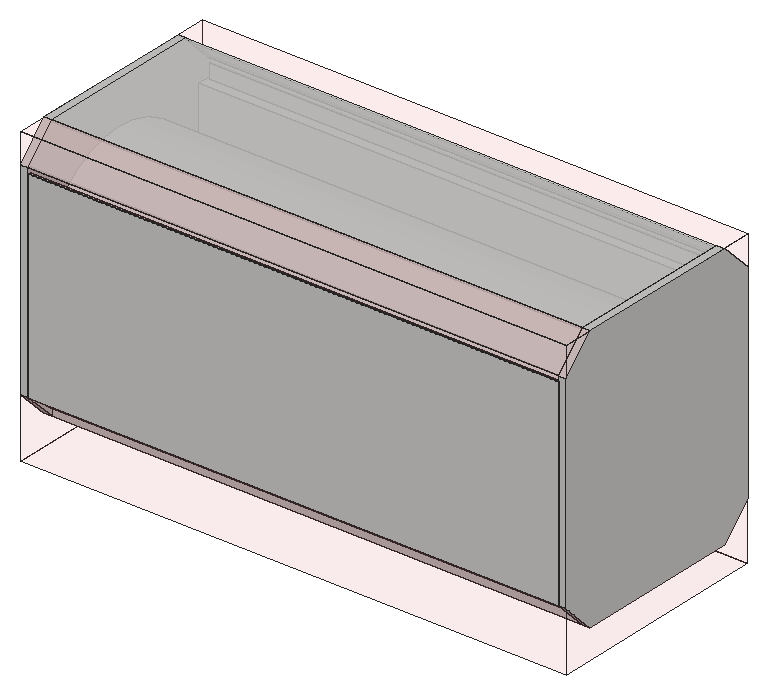
Revit family "Air-Curtain_Climate-Control_PoweredAire_ECE", category Mechanical Equipment, host Face, Revit 2017
Family settings
  Host = Face
  Round Connector Dimension = Use Diameter
  Part Type = Normal
  OmniClass Number = 23.75.35.17.21
  OmniClass Title = Air Curtains
  Cut with Voids When Loaded = No
  Shared = No
  Room Calculation Point = No
Parameters
  Warranty Duration (Years) = 0
  Unit Width Notes = "Other Widths available."  # constant formula
  Unit Width = 3' - 0"
  Unit Weight = 0
  Unit Height = 1' - 3"
  Unit Depth = 1' - 5 1/2"
  URL = "http://www.poweredaire.com/"
  Test Data = ""
  Temperature Rise_Range = "as Specified"
  Standards Conformance = "as Specified"
  Specification = "http://www.arcat.com/sdspecs/htm04/23_34_33pai.htm"
  SpecWizard = ""
  Sound Pressure = "as Specified"
  Sales Information = "http://www.poweredaire.com/contact_us"
  Revision = "R1_2016-08"
  Projection from Host [instance] = 0' - 2"
  Product Properties = ""
  Product Data = "http://www.arcat.com/arcatcos/cos47/arc47623.html"
  Power Rating = 0 W
  Outlet Volume_Range = "as Specified"
  Outlet Velocity_Range = "as Specified"
  Nozzle Width = if(1 = 1, Unit Width - 0' 1", 0' 0")  # 2' - 11"
  Mounting Width = if(1 = 1, Unit Width - 0' 0 15/16", 0' 0")  # 2' - 11 1/16"
  Mounting Height [instance] = 3' - 6"
  Motor RPM = 0
  Motor HP = 0
  Motor Count = 0
  Model = "As Specified"
  Max Height = 0' - 0"
  Manufacturer Website = "http://www.poweredaire.com/"
  Manufacturer Phone - Toll Free = "888-321-2473"
  Manufacturer Phone = "724-588-3305"
  Manufacturer Fax = "724-588-3371"
  Manufacturer Address = "109 Mortensen Rd.  Greenville, PA 16125"
  Manufacturer = "Powered Aire, Inc"
  Maintenance Schedule (Months) = 0
  Keynote = "23 34 33"
  Installation-Fabrication = ""
  Installation Phase = ""
  Include Clearance [instance] = yes
  Heating Element Load = 0 W
  HVAC_Temperature Rise [instance] = 0 °F
  HVAC_Outlet Volume [instance] = 0 CFM
  HVAC_Outlet Velocity Uniformity = 0
  HVAC_Outlet Velocity [instance] = 0 FPM
  Green Building-LEED = "http://www.arcat.com/green/clients/leed_data_47623.html"
  Front Grating Material [instance] = Metal - Steel - PoweredAire - Stainless 304 Perforated
  Frame Finish [instance] = Metal - Steel - PoweredAire - Stainless 304
  Expected Lifespan (Years) = 0
  Electrical_Wattage [instance] = Power Rating + Heating Element Load  # 0 W
  Electrical_Voltage [instance] = 0 V
  Electrical_Phase [instance] = 1
  Electrical_Frequency [instance] = 0 Hz
  Electrical_Amperage [instance] = 0 A
  Drawn By = "Sumex Design, Inc. / Robert S. Weygant, CSI, CDT, SCIP"
  Description = "Powered Aire Air Curtain as Specified"
  Default Elevation = 0' - 0"  # constant formula
  Copyright = "©Arcat Inc."
  Construction Details = "http://www.arcat.com/details/powair/prod3336.html"
  Clearance_Top [instance] = 0' - 0"
  Clearance_Side B [instance] = 0' - 0"
  Clearance_Side A [instance] = 0' - 0"
  Clearance_Intake [instance] = 0' - 0"
  Clearance_Bottom [instance] = 0' - 0"
  Clearance Material [instance] = ARCAT Clearance
  Building Codes = ""
  Available Options [instance] = "as Specified"
  Assembly Code = "D3090400"
Reference planes (in)
  plane 1 "Center (Elevation)": y = 0.13818
  plane 2: z = 0
  plane 3 "Center (Left/Right)": x = 0
  plane 4: y = 7.63818
  plane 5: y = -7.36182
  plane 6: x = -18
  plane 7: x = 18
  plane 8: z = 19.5
  plane 9 "FF": y = -41.86182
  plane 10: z = 2
  plane 11: x = 17.5
  plane 12: x = -17.5
  plane 13: y = 7.63818
  plane 14: y = -7.36182
  plane 15: x = -18
  plane 16: x = 18
  plane 17: z = 19.5
Forms (in)
  Extrusion 1, solid, material "Metal - Steel - PoweredAire - Stainless 304" <- "Frame Finish"
    sketch origin (0, 0, 0) x (0, 1, 0) y (0, 0, 1)
      loop
        line (5.69363, 2) -> (7.63818, 3.94454) -> (7.63818, 17.55546) -> (5.69363, 19.5) -> (-5.41728, 19.5) -> (-7.36182, 17.55546) -> (-7.36182, 3.94454) -> (-5.41728, 2) -> (5.69363, 2)
    from 17.5 to 18
  Extrusion 2, solid, material "Metal - Steel - PoweredAire - Stainless 304" <- "Frame Finish"
    sketch origin (0, 0, -0.5) x (0, 1, 0) y (0, 0, 1)
      loop
        circle (0.13818, 10.9739) r 6.25
      loop
        line (6.63818, 16.89427) -> (6.63818, 5.87829) -> (7.33849, 5.87829) -> (7.33849, 16.89427) -> (6.63818, 16.89427)
      loop
        line (-7.02798, 16.76927) -> (-7.02798, 5.75329) -> (-6.36182, 5.75329) -> (-6.36182, 16.76927) -> (-7.02798, 16.76927)
    from -17.5 to 17.5
  Extrusion 3, solid, material "Metal - Steel - PoweredAire - Stainless 304" <- "Frame Finish"
    sketch origin (0, 0, 0) x (0, 1, 0) y (0, 0, -1)
      loop
        line (5.69363, -2) -> (-5.41728, -2) -> (-7.36182, -3.94454) -> (-7.36182, -17.55546) -> (-5.41728, -19.5) -> (5.69363, -19.5) -> (7.63818, -17.55546) -> (7.63818, -3.94454) -> (5.69363, -2)
    from 17.5 to 18
  Extrusion 4, solid, material "Metal - Steel - PoweredAire - Stainless 304" <- "Frame Finish"
    sketch origin (0, 0, 0) x (0, 1, 0) y (0, 0, 1)
      loop
        line (-5.41728, 2) -> (5.69363, 2) -> (7.63818, 3.94454) -> (7.63818, 17.19454) -> (7.51318, 17.19454) -> (7.51318, 3.99632) -> (5.64186, 2.125) -> (-5.29228, 2.125) -> (-5.29228, 4.06954) -> (-7.23682, 4.06954) -> (-7.23682, 17.19454) -> (-7.36182, 17.19454) -> (-7.36182, 3.94454) -> (-5.41728, 3.94454) -> (-5.41728, 2)
      loop
        line (-6.64819, 3.61034) -> (-5.8702, 2.83235) -> (-5.74472, 2.95783) -> (-6.52271, 3.73583) -> (-6.64819, 3.61034)
    from -17.5 to 17.5
  Extrusion 5, solid, material "Metal - Steel - PoweredAire - Stainless 304 Perforated" <- "Front Grating Material"
    sketch origin (0, 0, 0) x (0, 1, 0) y (0, 0, 1)
      loop
        line (-7.36182, 17.19454) -> (-7.23682, 17.19454) -> (-7.23682, 17.50368) -> (-5.3655, 19.375) -> (5.64186, 19.375) -> (7.51318, 17.50368) -> (7.51318, 17.19454) -> (7.63818, 17.19454) -> (7.63818, 17.55546) -> (5.69363, 19.5) -> (-5.41728, 19.5) -> (-7.36182, 17.55546) -> (-7.36182, 17.19454)
    from -17.5 to 17.5
  Extrusion 6, solid, material "ARCAT Clearance" <- "Clearance Material", visible <- "Include Clearance"
    sketch origin (0, 0, 0) x (0, 1, 0) y (0, 0, 1)
      loop
        line (-7.36182, 19.5) -> (-7.36182, 0) -> (7.63818, 0) -> (7.63818, 19.5) -> (-7.36182, 19.5)
    from -18 to 18
Dimensions and locks (in)
  equal spacing: plane 4, plane 1 "Center (Elevation)", plane 5
  "Unit Height": plane 4 to plane 5
  equal spacing: plane 6, plane 3 "Center (Left/Right)", plane 7
  "Unit Width": plane 6 to plane 7
  "Mounting Height": plane 1 "Center (Elevation)" to plane 9 "FF"
  "Projection from Host": plane 10 to level
  "Unit Depth": plane 8 to plane 10
  locked: plane 6 to plane 12 at 0.5
  locked: plane 11 to plane 7 at 0.5
  "Clearance_Side A": plane 7 to plane 16
  "Clearance_Side B": plane 15 to plane 6
  "Clearance_Top": plane 13 to plane 4
  "Clearance_Bottom": plane 5 to plane 14
  "Clearance_Intake": plane 17 to plane 8
  aligned and locked: plane 2 to host face
  aligned and locked: level to host face
  aligned and locked: plane 7 to Extrusion 1
  aligned and locked: Extrusion 1 to plane 11
  aligned and locked: plane 12 to Extrusion 3
  aligned and locked: Extrusion 3 to plane 6
  aligned and locked: Extrusion 2 to plane 12
  aligned and locked: plane 11 to Extrusion 2
  aligned and locked: plane 11 to Extrusion 4
  aligned and locked: Extrusion 4 to plane 12
  aligned and locked: plane 11 to Extrusion 5
  aligned and locked: Extrusion 5 to plane 12
  aligned and locked: Extrusion 6 sketch curve to plane 17
  aligned and locked: plane 14 to Extrusion 6 sketch curve
  aligned and locked: level to Extrusion 6 sketch curve
  aligned and locked: Extrusion 6 sketch curve to plane 13
  aligned and locked: plane 16 to Extrusion 6
  aligned and locked: Extrusion 6 to plane 15
Automatic sketch dimensions
  host sketch curve to host sketch curve = 8' - 0"  (x2)
  Extrusion 1 sketch curve to plane 5 = 0' - 0"
  Extrusion 1 sketch curve to plane 8 = 0' - 0"
  Extrusion 1 sketch curve to plane 10 = 0' - 0"
  Extrusion 1 sketch curve to plane 4 = 0' - 0"
  plane 5 to Extrusion 1 sketch curve = 0' - 1.94454"  (x2)
  Extrusion 1 sketch curve to plane 4 = 0' - 1.94454"  (x2)
  plane 10 to Extrusion 1 sketch curve = 0' - 1.94454"  (x2)
  Extrusion 1 sketch curve to plane 8 = 0' - 1.94454"  (x2)
  Extrusion 2 sketch curve to plane 1 "Center (Elevation)" = 0' - 0"
  plane 5 to Extrusion 2 sketch curve = 0' - 1"
  plane 5 to Extrusion 2 sketch curve = 0' - 0.33384"
  Extrusion 2 sketch curve to plane 4 = 0' - 1"
  Extrusion 2 sketch curve to plane 4 = 0' - 0.29969"
  plane 10 to Extrusion 2 sketch curve = 0' - 3.37829"
  plane 10 to Extrusion 2 sketch curve = 0' - 3.25329"
  Extrusion 2 sketch curve to plane 8 = 0' - 9.0261"
  Extrusion 2 sketch curve to plane 8 = 0' - 3.23073"
  Extrusion 2 sketch curve to plane 8 = 0' - 3.10573"
  Extrusion 3 sketch curve to plane 5 = 0' - 0"
  Extrusion 3 sketch curve to plane 8 = 0' - 0"
  Extrusion 3 sketch curve to plane 10 = 0' - 0"
  Extrusion 3 sketch curve to plane 4 = 0' - 0"
  plane 5 to Extrusion 3 sketch curve = 0' - 1.94454"  (x2)
  Extrusion 3 sketch curve to plane 4 = 0' - 1.94454"  (x2)
  Extrusion 3 sketch curve to plane 8 = 0' - 1.94454"  (x2)
  plane 10 to Extrusion 3 sketch curve = 0' - 1.94454"  (x2)
  Extrusion 4 sketch curve to plane 5 = 0' - 0"
  Extrusion 4 sketch curve to plane 10 = 0' - 0"
  Extrusion 4 sketch curve to plane 4 = 0' - 0"
  plane 5 to Extrusion 4 sketch curve = 0' - 0 1/8"
  plane 5 to Extrusion 4 sketch curve = 0' - 0.71363"
  Extrusion 4 sketch curve to Extrusion 4 sketch curve = 0' - 0.12548"  (x2)
  Extrusion 4 sketch curve to Extrusion 4 sketch curve = 0' - 0.778"
  Extrusion 4 sketch curve to Extrusion 4 sketch curve = 0' - 0.32744"
  Extrusion 4 sketch curve to Extrusion 4 sketch curve = 0' - 0 1/8"  (x2)
  plane 10 to Extrusion 4 sketch curve = 0' - 0 1/8"
  Extrusion 4 sketch curve to plane 4 = 0' - 1.99632"
  Extrusion 4 sketch curve to Extrusion 4 sketch curve = 0' - 0.05178"  (x2)
  plane 10 to Extrusion 4 sketch curve = 0' - 0.83235"
  plane 10 to Extrusion 4 sketch curve = 0' - 1.94454"
  Extrusion 4 sketch curve to Extrusion 4 sketch curve = 0' - 0.3342"
  Extrusion 4 sketch curve to plane 4 = 0' - 0 1/8"
  Extrusion 4 sketch curve to plane 8 = 0' - 2.30546"  (x2)
  Extrusion 5 sketch curve to plane 5 = 0' - 0"
  Extrusion 5 sketch curve to plane 8 = 0' - 0"
  Extrusion 5 sketch curve to plane 4 = 0' - 0"
  plane 5 to Extrusion 5 sketch curve = 0' - 0 1/8"
  plane 5 to Extrusion 5 sketch curve = 0' - 1.94454"
  Extrusion 5 sketch curve to plane 8 = 0' - 0 1/8"
  Extrusion 5 sketch curve to Extrusion 5 sketch curve = 0' - 0.05178"  (x4)
  Extrusion 5 sketch curve to plane 4 = 0' - 1.99632"
  Extrusion 5 sketch curve to plane 8 = 0' - 1.94454"  (x2)
  Extrusion 5 sketch curve to Extrusion 5 sketch curve = 0' - 0 1/8"
  Extrusion 5 sketch curve to Extrusion 5 sketch curve = 0' - 0.30914"  (x2)
  radius of Extrusion 2 sketch curve = 0' - 6 1/4"
Connectors (in)
  electrical at (0, 7.63818, 10.56954), driven by "Electrical_Phase", driven by "Electrical_Voltage"
    settings: on Extrusion 4, index 1, voltage 0 V, apparent load 0 VA, apparent load phase1 0 VA, apparent load phase2 0 VA, apparent load phase3 0 VA, power factor 1, load classification "Motor", number of poles 1, system type 31, power factor state 1, is connector primary yes, connector utility no, sub classification motor no, connector description ""
